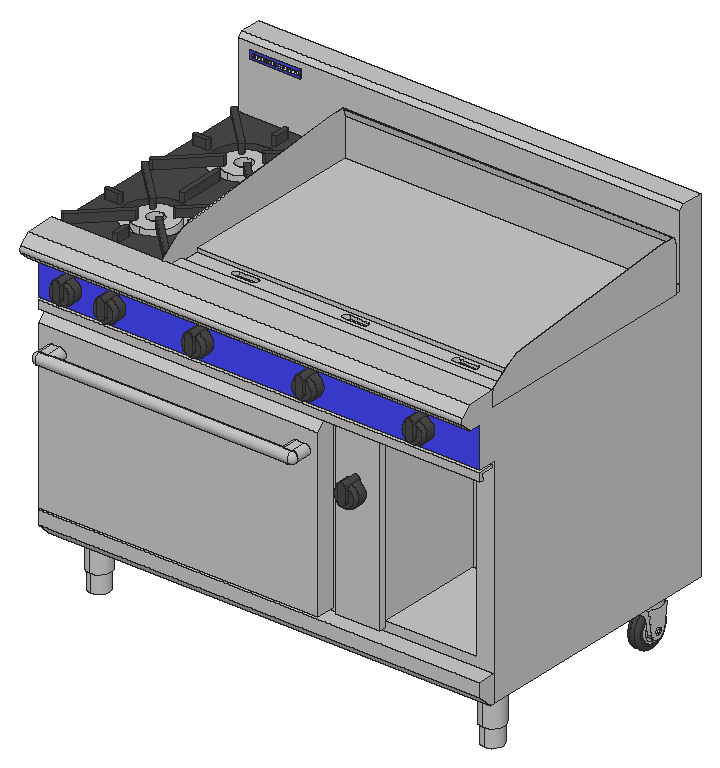
Revit family "QF_MOFFAT_BLUESEAL_CE_G508A", category Specialty Equipment, Revit 2012 (continued)
Automatic sketch dimensions
  Revolve 26 sketch curve to Revolve 26 sketch curve = 12.146 mm  (x2)
  Revolve 26 sketch curve to plane 16 = 16.68 mm
  Revolve 26 sketch curve to Revolve 26 sketch curve = 0.794 mm  (x2)
  Revolve 26 sketch curve to Revolve 26 sketch curve = 3.57 mm
  Revolve 26 sketch curve to Revolve 26 sketch curve = 2.143 mm
  Revolve 26 sketch curve to plane 16 = 6.361 mm
  plane 16 to Revolve 26 sketch curve = 5.13 mm
  plane 16 to Revolve 26 sketch curve = 6.339 mm
  plane 16 to Revolve 26 sketch curve = 14.515 mm
  Revolve 26 sketch curve to Revolve 26 sketch curve = 1.349 mm  (x2)
  Revolve 26 sketch curve to Revolve 26 sketch curve = 3.556 mm
  Revolve 26 sketch curve to plane 4 "RIGHT" = 2.18 mm
  level to Revolve 26 sketch curve = 50.8 mm
  Revolve 26 sketch curve to Revolve 26 sketch curve = 0 mm
  Revolve 26 sketch curve to Revolve 26 sketch curve = 3.505 mm  (x2)
  Revolve 26 sketch curve to Revolve 26 sketch curve = 3.447 mm  (x2)
  Revolve 26 sketch curve to Revolve 26 sketch curve = 9.964 mm
  Revolve 26 sketch curve to Revolve 26 sketch curve = 10.045 mm
  Revolve 26 sketch curve to Revolve 26 sketch curve = 2.053 mm
  Revolve 26 sketch curve to Revolve 26 sketch curve = 2.061 mm
  Revolve 26 sketch curve to Revolve 26 sketch curve = 8.247 mm
  Revolve 26 sketch curve to Revolve 26 sketch curve = 8.336 mm
  Revolve 26 sketch curve to Revolve 26 sketch curve = 6.35 mm  (x2)
  Extrusion 27 sketch curve to plane 17 = 99.75 mm
  Extrusion 27 sketch curve to Extrusion 27 sketch curve = 12.357 mm
  Extrusion 27 sketch curve to Extrusion 27 sketch curve = 19.393 mm  (x2)
  level to Extrusion 27 sketch curve = 45.111 mm
  Extrusion 27 sketch curve to plane 17 = 36.25 mm
  Extrusion 27 sketch curve to Extrusion 27 sketch curve = 4.889 mm
  Extrusion 27 sketch curve to Extrusion 27 sketch curve = 64.889 mm
  Revolve 28 sketch curve to level = 0 mm
  Revolve 28 sketch curve to plane 17 = 99.75 mm
  Revolve 28 sketch curve to Revolve 28 sketch curve = 4.25 mm
  Revolve 28 sketch curve to Revolve 28 sketch curve = 27.5 mm  (x2)
  Revolve 28 sketch curve to level = 55 mm
  Revolve 28 sketch curve to Revolve 28 sketch curve = 50 mm
  Revolve 28 sketch curve to Revolve 28 sketch curve = 0 mm
  Revolve 28 sketch curve to Revolve 28 sketch curve = 100 mm
  Revolve 29 sketch curve to level = 0 mm
  Revolve 29 sketch curve to plane 17 = 99.75 mm
  Revolve 29 sketch curve to Revolve 29 sketch curve = 4.25 mm
  Revolve 29 sketch curve to Revolve 29 sketch curve = 27.5 mm  (x2)
  level to Revolve 29 sketch curve = 50 mm
  Revolve 29 sketch curve to Revolve 29 sketch curve = 0 mm
  Revolve 29 sketch curve to Revolve 29 sketch curve = 100 mm
  Revolve 29 sketch curve to Revolve 29 sketch curve = 55 mm
  plane 14 to Revolve 30 sketch curve = 25.382 mm
  Revolve 30 sketch curve to Revolve 30 sketch curve = 1.27 mm  (x4)
  Revolve 30 sketch curve to Revolve 30 sketch curve = 1.524 mm  (x2)
  plane 14 to Revolve 30 sketch curve = 10.442 mm
  plane 14 to Revolve 30 sketch curve = 7.68 mm
  Revolve 30 sketch curve to Revolve 30 sketch curve = 0.794 mm  (x2)
  Revolve 30 sketch curve to Revolve 30 sketch curve = 3.57 mm
  Revolve 30 sketch curve to Revolve 30 sketch curve = 2.143 mm
  Revolve 30 sketch curve to plane 14 = 2.639 mm
  Revolve 30 sketch curve to plane 11 = 0.13 mm
  Revolve 30 sketch curve to plane 11 = 1.339 mm
  Revolve 30 sketch curve to plane 11 = 9.515 mm
  Revolve 30 sketch curve to Revolve 30 sketch curve = 1.349 mm  (x2)
  Revolve 30 sketch curve to Revolve 30 sketch curve = 3.556 mm
  Revolve 30 sketch curve to Revolve 30 sketch curve = 12.146 mm
  Revolve 30 sketch curve to plane 3 "LEFT" = 2.68 mm
  level to Revolve 30 sketch curve = 101.6 mm
  Revolve 30 sketch curve to Revolve 30 sketch curve = 6.35 mm  (x4)
  Revolve 30 sketch curve to Revolve 30 sketch curve = 8.247 mm
  Revolve 30 sketch curve to Revolve 30 sketch curve = 8.336 mm
  Revolve 30 sketch curve to Revolve 30 sketch curve = 2.061 mm
  Revolve 30 sketch curve to Revolve 30 sketch curve = 2.053 mm
  Revolve 30 sketch curve to Revolve 30 sketch curve = 10.045 mm
  Revolve 30 sketch curve to Revolve 30 sketch curve = 9.964 mm
  Revolve 30 sketch curve to Revolve 30 sketch curve = 3.447 mm  (x2)
  Revolve 30 sketch curve to Revolve 30 sketch curve = 3.505 mm
  Revolve 31 sketch curve to plane 5 "FRONT" = 19 mm
  Revolve 31 sketch curve to Revolve 31 sketch curve = 0 mm  (x2)
  Revolve 31 sketch curve to Revolve 31 sketch curve = 11 mm
  Revolve 31 sketch curve to Revolve 31 sketch curve = 12.7 mm
  Revolve 31 sketch curve to Revolve 31 sketch curve = 23 mm
  Revolve 31 sketch curve to Revolve 31 sketch curve = 10 mm
  Revolve 31 sketch curve to plane 6 "TOP" = 140.618 mm
  Revolve 31 sketch curve to Revolve 31 sketch curve = 5.849 mm
  Revolve 31 sketch curve to Revolve 31 sketch curve = 27.5 mm
  Revolve 31 sketch curve to Revolve 31 sketch curve = 5 mm
  Extrusion 32 sketch curve to plane 6 "TOP" = 146.118 mm
  Extrusion 32 sketch curve to Extrusion 32 sketch curve = 35 mm
  Revolve 33 sketch curve to plane 5 "FRONT" = 19 mm
  Revolve 33 sketch curve to Revolve 33 sketch curve = 0 mm  (x2)
  Revolve 33 sketch curve to Revolve 33 sketch curve = 11 mm
  Revolve 33 sketch curve to Revolve 33 sketch curve = 12.7 mm
  Revolve 33 sketch curve to Revolve 33 sketch curve = 23 mm
  Revolve 33 sketch curve to Revolve 33 sketch curve = 10 mm
  Revolve 33 sketch curve to plane 6 "TOP" = 140.618 mm
  Revolve 33 sketch curve to Revolve 33 sketch curve = 5.849 mm
  Revolve 33 sketch curve to Revolve 33 sketch curve = 27.5 mm
  Revolve 33 sketch curve to Revolve 33 sketch curve = 5 mm
  Extrusion 34 sketch curve to plane 6 "TOP" = 146.118 mm
  Extrusion 34 sketch curve to Extrusion 34 sketch curve = 35 mm
  plane 7 "Center Y" to curve 11 = 118.108 mm
  curve 10 to curve 11 = 25.191 mm
  plane 7 "Center Y" to curve 32 = 160 mm
  curve 57 to curve 53 = 223.917 mm
  Extrusion 6 sketch curve to plane 16 = 64.5 mm
  Extrusion 7 sketch curve to plane 16 = 234.5 mm
  Extrusion 15 sketch curve to plane 7 "Center Y" = 140.148 mm
  Extrusion 15 sketch curve to Extrusion 15 sketch curve = 10 mm
  plane 7 "Center Y" to Extrusion 17 sketch curve = 227.344 mm
  Extrusion 19 sketch curve to Extrusion 19 sketch curve = 81 mm
  Extrusion 19 sketch curve to Extrusion 19 sketch curve = 48.5 mm
  plane 7 "Center Y" to Extrusion 20 sketch curve = 102.757 mm
  plane 7 "Center Y" to Revolve 21 sketch curve = 123.039 mm
  plane 7 "Center Y" to Extrusion 32 sketch curve = 159.739 mm
  Extrusion 32 sketch curve to Extrusion 32 sketch curve = 10 mm
  Extrusion 34 sketch curve to plane 16 = 74.874 mm
  Extrusion 34 sketch curve to Extrusion 34 sketch curve = 10 mm
  radius of Extrusion 6 sketch curve = 10 mm
  radius of Extrusion 8 sketch curve = 85 mm  (x2)
  radius of Extrusion 22 sketch curve = 57 mm  (x2)
  radius of Extrusion 22 sketch curve = 22 mm  (x2)
Nested families
  nested 1: "WALDORF LOGO_FACE BASE" at (32, -70, 1056.385) x (1, 0, 0) z (0, -1, 0), visible <- "Show Logo", type "WALDORF LOGO_FACE BASE", detail levels medium+fine
    with Show Logo yes
  nested 2: "GAS GRIDDLE PLATE 900" at (300.232, -85, 874.5), type "GAS GRIDDLE PLATE 900"
    with Width 900 mm, Type Mark "", Status "", Specification by User "", Revision Code "", Item Number "", Installed By "", Identify Quantity as Lot yes, Furnished By "", Foodservice Equipment Identifier yes, Depth 620 mm
Connectors
  piping at (1070, -32, 655)
    settings: on Extrusion 6, index 4, connector radius 0.37402", flow factor 0, pipe flow 0 GPM, pressure drop 0.00 psi, fitting loss kfactor 0, connector angle 0.00°, fixture units 0, engagement length 0 mm, flow configuration 1, flow direction 1, fitting loss method 0, system type 7, joint type 0, gender type 0, connector reference index -1, connector utility 0, adjustable connector no, is connector primary yes, fitting loss table "", connector description "GAS CONNECTION"
Definition of nested family "WALDORF LOGO_FACE BASE"
  Parameters (values of type "WALDORF LOGO_FACE BASE")
    Show Logo [instance] = yes
    Default Elevation = 1219.2 mm
  Reference planes
    plane 1 "Center (Front/Back)": y = 0
    plane 2: z = 0
    plane 3 "Center (Left/Right)": x = 0
  Forms (mm)
    Extrusion 1, solid
      sketch origin (0, 0, 0) x (1, 0, 0) y (0, 1, 0)
        loop
          line (-1219.2, 1219.2) -> (-1219.2, -1219.2) -> (1219.2, -1219.2) -> (1219.2, 1219.2) -> (-1219.2, 1219.2)
      from 0 to -304.8
    Extrusion 2, solid, material "QF_Finishes_Blue", visible <- "Show Logo"
      sketch origin (0, -33.217, 0) x (1, 0, 0) y (0, 1, 0)
        loop
          arc (138, 31.942) -> (137.626, 32.844) -> (136.724, 33.217) r 1.276
          line (136.724, 33.217) -> (1.29, 33.217)
          arc (1.29, 33.217) -> (0.378, 32.839) -> (0, 31.927) r 1.29
          line (0, 31.927) -> (0, 11.507)
          arc (0, 11.507) -> (0.378, 10.595) -> (1.29, 10.217) r 1.29
          line (1.29, 10.217) -> (136.71, 10.217)
          arc (136.71, 10.217) -> (137.622, 10.595) -> (138, 11.507) r 1.29
          line (138, 11.507) -> (138, 31.942)
      from 0 to 1.588
    Extrusion 3, solid, material "QF_Finishes_White", visible <- "Show Logo"
      sketch origin (0, -33.217, 1.588) x (1, 0, 0) y (0, 1, 0)
        loop
          arc (108.946, 25.919) -> (107.613, 25.367) -> (107.061, 24.034) r 1.885
          line (107.061, 24.034) -> (107.061, 17.211) -> (112.704, 17.211) -> (112.704, 19.129) -> (115.546, 19.129) -> (115.546, 17.211) -> (121.584, 17.211) -> (121.584, 24.075)
          arc (121.584, 24.075) -> (121.043, 25.379) -> (119.739, 25.919) r 1.845
          line (119.739, 25.919) -> (108.946, 25.919)
        loop
          line (123.478, 25.919) -> (123.478, 17.163) -> (134.904, 17.163) -> (134.904, 19.129) -> (129.246, 19.129) -> (129.246, 25.919) -> (123.478, 25.919)
        loop
          line (112.704, 21.258) -> (115.546, 21.258) -> (115.546, 22.702)
          arc (115.546, 22.702) -> (115.344, 23.188) -> (114.858, 23.389) r 0.687
          line (114.858, 23.389) -> (113.363, 23.389)
          arc (113.363, 23.389) -> (112.897, 23.196) -> (112.704, 22.73) r 0.658
          line (112.704, 22.73) -> (112.704, 21.258)
        loop
          line (105.071, 25.919) -> (93.771, 25.919) -> (93.771, 17.163) -> (105.071, 17.163) -> (105.071, 19.063) -> (99.535, 19.063) -> (99.535, 20.437) -> (105.071, 20.437) -> (105.071, 22.278) -> (99.535, 22.278) -> (99.535, 23.587) -> (105.071, 23.587) -> (105.071, 25.919)
        loop
          line (91.104, 25.919) -> (79.541, 25.919)
          arc (79.541, 25.919) -> (78.558, 25.513) -> (78.152, 24.53) r 1.389
          line (78.152, 24.53) -> (78.152, 22.08)
          arc (78.152, 22.08) -> (78.558, 21.098) -> (79.541, 20.691) r 1.389
          line (79.541, 20.691) -> (86.346, 20.691) -> (86.346, 18.864) -> (83.266, 18.864) -> (83.266, 19.664) -> (78.152, 19.664) -> (78.152, 18.553)
          arc (78.152, 18.553) -> (78.558, 17.57) -> (79.541, 17.163) r 1.389
          line (79.541, 17.163) -> (91.063, 17.163)
          arc (91.063, 17.163) -> (92.045, 17.57) -> (92.452, 18.553) r 1.389
          line (92.452, 18.553) -> (92.452, 20.691)
          arc (92.452, 20.691) -> (92.045, 21.673) -> (91.063, 22.08) r 1.389
          line (91.063, 22.08) -> (83.266, 22.08) -> (83.266, 23.984) -> (86.346, 23.984) -> (86.346, 22.743) -> (92.452, 22.743) -> (92.452, 24.571)
          arc (92.452, 24.571) -> (92.057, 25.524) -> (91.104, 25.919) r 1.348
        loop
          line (70.705, 25.919) -> (59.405, 25.919) -> (59.405, 17.163) -> (70.705, 17.163) -> (70.705, 19.063) -> (65.169, 19.063) -> (65.169, 20.437) -> (70.705, 20.437) -> (70.705, 22.278) -> (65.169, 22.278) -> (65.169, 23.587) -> (70.705, 23.587) -> (70.705, 25.919)
        loop
          line (57.598, 25.919) -> (51.7, 25.919) -> (51.7, 20.18)
          arc (51.7, 20.18) -> (50.63, 19.11) -> (49.56, 20.18) r 1.07
          line (49.56, 20.18) -> (49.56, 25.919) -> (43.663, 25.919) -> (43.663, 19.049)
          arc (43.663, 19.049) -> (44.215, 17.716) -> (45.548, 17.163) r 1.885
          line (45.548, 17.163) -> (55.71, 17.163)
          arc (55.71, 17.163) -> (57.045, 17.716) -> (57.598, 19.051) r 1.887
          line (57.598, 19.051) -> (57.598, 25.919)
        loop
          line (31.62, 25.919) -> (31.62, 17.163) -> (43.046, 17.163) -> (43.046, 19.129) -> (37.388, 19.129) -> (37.388, 25.919) -> (31.62, 25.919)
        loop
          line (15.969, 25.919) -> (15.969, 17.163) -> (28.693, 17.163)
          arc (28.693, 17.163) -> (29.812, 17.627) -> (30.276, 18.746) r 1.582
          line (30.276, 18.746) -> (30.276, 20.447) -> (29.48, 21.243) -> (30.276, 22.039) -> (30.276, 24.332)
          arc (30.276, 24.332) -> (29.811, 25.454) -> (28.688, 25.919) r 1.587
          line (28.688, 25.919) -> (15.969, 25.919)
        loop
          line (21.449, 24.159) -> (21.449, 22.436) -> (23.862, 22.436)
          arc (23.862, 22.436) -> (24.723, 23.298) -> (23.862, 24.159) r 0.861
          line (23.862, 24.159) -> (21.449, 24.159)
        loop
          line (21.449, 20.244) -> (21.449, 18.522) -> (23.862, 18.522)
          arc (23.862, 18.522) -> (24.723, 19.383) -> (23.862, 20.244) r 0.861
          line (23.862, 20.244) -> (21.449, 20.244)
      from 0 to 0.2
    Extrusion 4, solid, material "QF_Finishes_Blue", visible <- "Show Logo"
      sketch origin (-126.498, -31.09, 1.588) x (1, 0, 0) y (0, 1, 0)
        loop
          line (136.738, 23.522) -> (136.738, 15.1)
          arc (136.738, 15.1) -> (140.756, 19.311) -> (136.738, 23.522) r 4.216
      from 0 to 0.2
    Extrusion 5, solid, material "QF_Finishes_Red", visible <- "Show Logo"
      sketch origin (146.849, -31.09, 1.588) x (-1, 0, 0) y (0, -1, 0)
        loop
          arc (136.738, -23.522) -> (140.756, -19.311) -> (136.738, -15.1) r 4.216
          line (136.738, -15.1) -> (136.738, -23.522)
      from 0 to 0.2
  Lines and regions (mm)
    Split face 1
      outline origin (-90.35, -30.793, 1.588) x (1, 0, 0) y (0, 1, 0)
        loop
          circle (100.54, 19.013) r 4.536
  Dimensions and locks
    aligned and locked: plane 2 to Extrusion 1
    aligned and locked: level to Extrusion 1
Definition of nested family "GAS GRIDDLE PLATE 900"
  Parameters (values of type "GAS GRIDDLE PLATE 900")
    Width [instance] = 900 mm
    Weight in Pounds = 0
    URL Cutsheet = ""
    Type Mark [instance] = ""
    Status [instance] = ""
    Specification by User [instance] = ""
    Specification by Manufacturer = ""
    Serial Number = ""
    Seismic Rating = ""
    SMACNA No = ""
    Revision Code [instance] = ""
    Omniclass Number and Title = ""
    NAFEM Spec ID Number = ""
    Masterspec = ""
    Item Number [instance] = ""
    Installed By [instance] = ""
    Identify Quantity as Lot [instance] = yes
    Furnished By [instance] = ""
    Foodservice Equipment Identifier [instance] = yes
    Depth [instance] = 620 mm
    CSI MasterFormat = ""
    CSI Master Format = ""
  Reference planes
    plane 1 "BACK": y = 0
    plane 2: z = 0
    plane 3 "LEFT": x = 0
    plane 4 "RIGHT": x = 900
    plane 5 "FRONT": y = -620
    plane 6 "TOP": z = 142.5
    plane 7 "Center Y": x = 450
    plane 8 "Center X": y = -310
    plane 9: y = -530.997
    plane 10: y = -541.497
    plane 11: y = -503.25
    plane 12: y = -557.737
  Forms (mm)
    Extrusion 1, solid, material "QF_Finishes_Stainless Steel"
      sketch origin (0, 70.003, -874.5) x (0, 1, 0) y (0, 0, 1)
        loop
          line (-70, 875) -> (-70, 997.489) -> (-75.228, 1017) -> (-117.24, 1017) -> (-589.533, 971.523)
          arc (-589.533, 971.523) -> (-614.56, 965.803) -> (-637.306, 953.899) r 100
          line (-637.306, 953.899) -> (-690.003, 917) -> (-690.003, 875) -> (-70, 875)
      from 0 to 1.8
    Extrusion 2, solid, material "QF_Finishes_Stainless Steel"
      sketch origin (600, 70.003, -874.5) x (0, -1, 0) y (0, 0, 1)
        loop
          line (70, 875) -> (690.003, 875) -> (690.003, 917) -> (637.306, 953.899)
          arc (637.306, 953.899) -> (614.56, 965.803) -> (589.533, 971.523) r 100
          line (589.533, 971.523) -> (117.24, 1017) -> (75.228, 1017) -> (70, 997.489) -> (70, 875)
      from -300 to -298.8
    Extrusion 3, solid, material "QF_Finishes_Stainless Steel"
      sketch origin (150, 70.003, -874.5) x (0, 1, 0) y (0, 0, 1)
        loop
          line (-55, 895) -> (-573.253, 895) -> (-573.253, 884.5) -> (-627.74, 884.5) -> (-627.74, 895) -> (-690.003, 895) -> (-690.003, 875) -> (-55, 875) -> (-55, 895)
      from -148.2 to 748.8
    Extrusion 4, void
      sketch origin (0.113, -541.497, 10) x (0, -1, 0) y (1, 0, 0)
        loop
          arc (-7.497, 175) -> (-17.497, 185) -> (-27.497, 175) r 10
          line (-27.497, 175) -> (-27.497, 125)
          arc (-27.497, 125) -> (-17.497, 115) -> (-7.497, 125) r 10
          line (-7.497, 125) -> (-7.497, 175)
        loop
          line (-7.497, 424.887) -> (-7.497, 474.887)
          arc (-7.497, 474.887) -> (-17.497, 484.887) -> (-27.497, 474.887) r 10
          line (-27.497, 474.887) -> (-27.497, 424.887)
          arc (-27.497, 424.887) -> (-17.497, 414.887) -> (-7.497, 424.887) r 10
        loop
          line (-7.497, 724.774) -> (-7.497, 774.774)
          arc (-7.497, 774.774) -> (-17.497, 784.774) -> (-27.497, 774.774) r 10
          line (-27.497, 774.774) -> (-27.497, 724.774)
          arc (-27.497, 724.774) -> (-17.497, 714.774) -> (-7.497, 724.774) r 10
      from -41.4 to 40.142
    Extrusion 5, solid, material "QF_Finishes_Stainless Steel"
      sketch origin (0, 70.003, -874.5) x (0, 1, 0) y (0, 0, 1)
        loop
          line (-70, 875) -> (-70, 997.489) -> (-75.228, 1017) -> (-76.884, 1017) -> (-71.6, 997.278) -> (-71.6, 875) -> (-70, 875)
      from 0 to 898.8
  Cuts and joins
    Extrusion 4 cuts Extrusion 3
    joined: Extrusion 1, Extrusion 2, Extrusion 3, Extrusion 5
  Lines and regions (mm)
    symbolic lines
      curve 1: line (900, -503.25, 0) -> (0, -503.25, 0)
      curve 2: line (0, -557.737, 0) -> (900, -557.737, 0)
      curve 3: line (0, -1.68, 0) -> (900, -1.68, 0)
      curve 4: line (900, -1.68, 0) -> (900, -620, 0)
      curve 5: line (0, -620, 0) -> (0, -1.68, 0)
      curve 6: line (0, -620, 0) -> (900, -620, 0)
      curve 7: arc (175.113, -534, 0) -> (185.113, -524, 0) -> (175.113, -514, 0) r 10
      curve 8: line (175.113, -514, 0) -> (125.113, -514, 0)
      curve 9: arc (125.113, -514, 0) -> (115.113, -524, 0) -> (125.113, -534, 0) r 10
      curve 10: line (125.113, -534, 0) -> (175.113, -534, 0)
      curve 11: arc (425, -534, 0) -> (415, -524, 0) -> (425, -514, 0) r 10
      curve 12: line (425, -514, 0) -> (475, -514, 0)
      curve 13: arc (475, -514, 0) -> (485, -524, 0) -> (475, -534, 0) r 10
      curve 14: line (475, -534, 0) -> (425, -534, 0)
      curve 15: arc (724.887, -534, 0) -> (714.887, -524, 0) -> (724.887, -514, 0) r 10
      curve 16: line (724.887, -514, 0) -> (774.887, -514, 0)
      curve 17: arc (774.887, -514, 0) -> (784.887, -524, 0) -> (774.887, -534, 0) r 10
      curve 18: line (774.887, -534, 0) -> (724.887, -534, 0)
  Dimensions and locks
    equal spacing: plane 3 "LEFT", plane 7 "Center Y", plane 4 "RIGHT"
    "Width": plane 3 "LEFT" to plane 4 "RIGHT"
    equal spacing: plane 5 "FRONT", plane 8 "Center X", plane 1 "BACK"
    "Depth": plane 5 "FRONT" to plane 1 "BACK"
    locked: Extrusion 2 to Extrusion 2 at 1.2
    aligned and locked: level to plane 2
    aligned and locked: Extrusion 2 to plane 4 "RIGHT"
    aligned and locked: curve 1 to plane 11
    aligned and locked: plane 12 to curve 2
    aligned and locked: Extrusion 5 to cut or joined group of Extrusion 1, Extrusion 2, Extrusion 3, Extrusion 4, Extrusion 5
  Automatic sketch dimensions
    Extrusion 1 sketch curve to plane 5 "FRONT" = 0 mm
    Extrusion 1 sketch curve to plane 6 "TOP" = 0 mm
    plane 12 to Extrusion 1 sketch curve = 9.566 mm
    plane 11 to Extrusion 1 sketch curve = 16.28 mm
    Extrusion 1 sketch curve to level = 2.516 mm
    plane 11 to Extrusion 1 sketch curve = 6.695 mm
    plane 1 "BACK" to Extrusion 1 sketch curve = 47.237 mm
    plane 1 "BACK" to Extrusion 1 sketch curve = 5.225 mm
    Extrusion 1 sketch curve to plane 1 "BACK" = 0.003 mm
    level to Extrusion 1 sketch curve = 0.5 mm
    Extrusion 1 sketch curve to Extrusion 1 sketch curve = 42 mm
    Extrusion 1 sketch curve to plane 6 "TOP" = 63.101 mm
    Extrusion 1 sketch curve to plane 6 "TOP" = 19.511 mm
    Extrusion 2 sketch curve to plane 6 "TOP" = 0 mm
    Extrusion 2 sketch curve to plane 5 "FRONT" = 0 mm
    plane 12 to Extrusion 2 sketch curve = 9.566 mm
    plane 11 to Extrusion 2 sketch curve = 16.28 mm
    Extrusion 2 sketch curve to level = 2.516 mm
    plane 11 to Extrusion 2 sketch curve = 6.695 mm
    plane 1 "BACK" to Extrusion 2 sketch curve = 47.237 mm
    plane 1 "BACK" to Extrusion 2 sketch curve = 5.225 mm
    Extrusion 2 sketch curve to plane 1 "BACK" = 0.003 mm
    level to Extrusion 2 sketch curve = 0.5 mm
    Extrusion 2 sketch curve to Extrusion 2 sketch curve = 42 mm
    Extrusion 2 sketch curve to plane 6 "TOP" = 63.101 mm
    Extrusion 2 sketch curve to plane 6 "TOP" = 19.511 mm
    Extrusion 3 sketch curve to plane 5 "FRONT" = 0 mm
    Extrusion 3 sketch curve to plane 12 = 0 mm
    Extrusion 3 sketch curve to plane 11 = 0 mm
    Extrusion 3 sketch curve to plane 1 "BACK" = 15.003 mm
    level to Extrusion 3 sketch curve = 0.5 mm
    level to Extrusion 3 sketch curve = 10 mm
    Extrusion 3 sketch curve to Extrusion 3 sketch curve = 10.5 mm  (x2)
    plane 1 "BACK" to Extrusion 5 sketch curve = 5.225 mm
    Extrusion 5 sketch curve to plane 1 "BACK" = 0.003 mm
    Extrusion 5 sketch curve to plane 6 "TOP" = 19.511 mm
    Extrusion 5 sketch curve to Extrusion 5 sketch curve = 1.6 mm
    Extrusion 5 sketch curve to Extrusion 5 sketch curve = 0.211 mm
    Extrusion 5 sketch curve to plane 6 "TOP" = 0 mm
    Extrusion 5 sketch curve to Extrusion 5 sketch curve = 1.656 mm
    level to Extrusion 5 sketch curve = 0.5 mm
    curve 6 to plane 3 "LEFT" = 0 mm
    curve 3 to plane 4 "RIGHT" = 0 mm
    plane 5 "FRONT" to curve 6 = 0 mm
    plane 11 to curve 9 = 20.75 mm
    plane 3 "LEFT" to curve 9 = 125.113 mm
    curve 10 to plane 12 = 23.737 mm
    curve 9 to curve 10 = 50 mm
    curve 14 to plane 7 "Center Y" = 25 mm
    plane 11 to curve 12 = 10.75 mm
    plane 7 "Center Y" to curve 12 = 25 mm
    curve 15 to plane 12 = 23.737 mm
    plane 4 "RIGHT" to curve 15 = 175.113 mm
    plane 11 to curve 16 = 10.75 mm
    curve 16 to curve 16 = 50 mm
    curve 14 to curve 12 = 20 mm
    plane 1 "BACK" to curve 3 = 1.68 mm
    plane 11 to Extrusion 4 sketch curve = 10.75 mm  (x3)
    Extrusion 4 sketch curve to Extrusion 4 sketch curve = 10 mm  (x3)
    plane 3 "LEFT" to Extrusion 4 sketch curve = 125.113 mm
    Extrusion 4 sketch curve to Extrusion 4 sketch curve = 50 mm  (x2)
    Extrusion 4 sketch curve to plane 7 "Center Y" = 25 mm
    plane 7 "Center Y" to Extrusion 4 sketch curve = 25 mm
    plane 4 "RIGHT" to Extrusion 4 sketch curve = 175.113 mm
